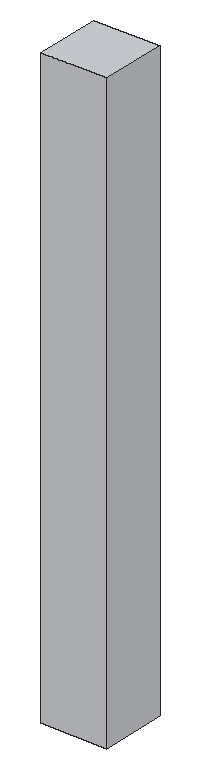
Revit family
Parameters (values of type "100mm")
  built-in parameter 1008623 [instance] = (empty or 0)
  built-in parameter 1008625 [instance] = (empty or 0)
  기둥 재료 = none
  폭 = 100 mm
  Post = yes
  built-in parameter 1008624 [instance] = (empty or 0)
  built-in parameter 1008622 [instance] = 915 mm
Types (5, lengths in mm): name | 폭
  (no name) | 100
  30mm | 30
  60mm | 60
  100mm | 100
  150mm | 150
Reference planes
  plane 1 "중심(앞/뒤)": y = 0
  plane 2: z = 0
  plane 3 "중심(왼쪽/오른쪽)": x = 0
  plane 4 "상단": z = 915
Forms (mm)
  Extrusion 1, solid, material <- "기둥 재료"
    sketch origin (0, 0, 0) x (1, 0, 0) y (0, 1, 0)
      loop
        line (-50, 50) -> (-50, -50) -> (50, -50) -> (50, 50) -> (-50, 50)
    from 0 to 915
Dimensions and locks
  "built-in parameter 1008622": plane 2 to plane 4 "상단"
  equal spacing: Extrusion 1 sketch curve, plane 3 "중심(왼쪽/오른쪽)", Extrusion 1 sketch curve
  equal spacing: Extrusion 1 sketch curve, plane 1 "중심(앞/뒤)", Extrusion 1 sketch curve
  "폭": Extrusion 1 sketch curve to Extrusion 1 sketch curve  (x2)
  aligned and locked: Extrusion 1 to level
  aligned and locked: Extrusion 1 to plane 4 "상단"
